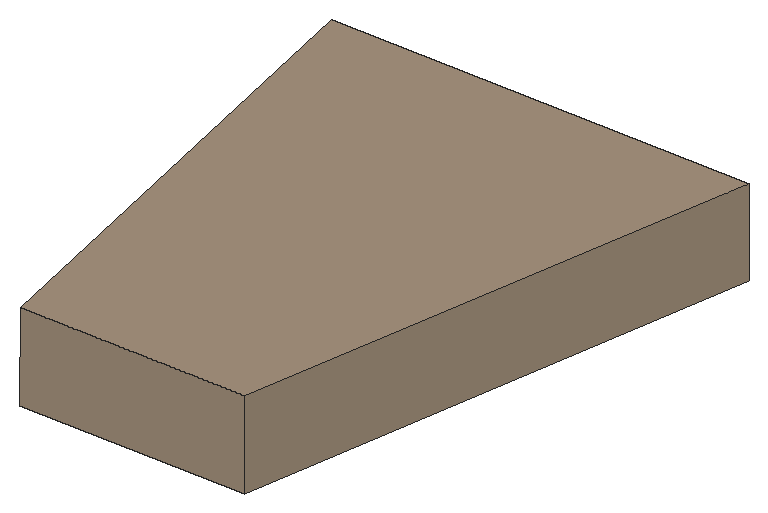
Revit family "Keystone_NativeCustomStone", category Generic Models, Revit 2013
Parameters
  Warranty Duration (Years) = 50
  URL = "http://www.nativecustomstone.com/"
  Test Data = "http://www.nativecustomstone.com/specs/testing-and-ics-esr-report"
  Specification = "http://www.nativecustomstone.com/specs/3-part-spec"
  Send Message = "http://www.arcat.com/users.pl?action=UserEmail&company=Native+Custom+Stone&coid=48056&rep=152&fax=706-216-5550&mf="
  Sales Information = "http://www.nativecustomstone.com/contact"
  Revision = "R1_10-2012"
  Product Properties = "http://www.nativecustomstone.com/specs/spec-data-sheet"
  Product Data = "http://www.arcat.com/arcatcos/cos48/arc48056.html"
  Model = "As Specified in 04 73 00"
  Material = Native-Custom-Stone_Accessory-Material_Brown-Color
  Manufacturer Website = "www.nativecstone.com"
  Manufacturer Phone - Toll Free = "888-823-0745"
  Manufacturer Phone = "706-216-5545"
  Manufacturer Fax = "706-216-5550"
  Manufacturer Email = "http://www.arcat.com/users.pl?action=UserEmail&company=Native+Custom+Stone&coid=48056&rep=152&fax=706-216-5550&mf="
  Manufacturer Address = "236 Hightower Pkwy. Dawsonville, GA 30534"
  Manufacturer = "Native Custom Stone"
  Maintenance Schedule (Months) = 12
  Keynote = "04 73 00"
  Installation-Fabrication = "http://www.nativecustomstone.com/specs/stone-installation-and-accessory-details"
  Installation Phase = "Masonry Finishes"
  Green Building-LEED = "http://www.nativecustomstone.com/specs/native-custom-stone-for-leeds-projects"
  Drawn By = "Sumex Design, Inc."
  Description = "Keystone as Specified in 04 73 00"
  Default Elevation = 0' - 0"
  Copyright = "©Arcat Inc."
  Construction Details = "http://www.nativecustomstone.com/specs/stone-installation-and-accessory-details"
  Company_ID = 48056
  Assembly Code = "B2010100"
Reference planes (in)
  plane 1 "Center (Front/Back)": y = 0
  plane 2: z = 0
  plane 3 "Center (Left/Right)": x = 0
  plane 4: x = -4.75
  plane 5: x = 4.75
  plane 6: y = 5.8125
  plane 7: y = -5.8125
  plane 8: z = 2
Forms (in)
  Extrusion 1, solid, material "Native-Custom-Stone_Accessory-Material_Brown-Color" <- "Material"
    sketch origin (0, 0, 0) x (1, 0, 0) y (0, 1, 0)
      loop
        line (4.75, 5.8125) -> (-4.75, 5.8125) -> (-2.5625, -5.8125) -> (2.5625, -5.8125) -> (4.75, 5.8125)
    from 0 to 2
Dimensions and locks (in)
  equal spacing: plane 4, plane 3 "Center (Left/Right)", plane 5
  equal spacing: plane 7, plane 1 "Center (Front/Back)", plane 6
  locked: plane 7 to plane 6 at 11.625
  locked: plane 4 to plane 5 at 9.5
  locked: plane 8 to level at 2
  aligned and locked: Extrusion 1 sketch curve to plane 6
  aligned and locked: Extrusion 1 sketch curve to plane 7
  aligned and locked: plane 8 to Extrusion 1
Automatic sketch dimensions
  Extrusion 1 sketch curve to plane 4 = 0' - 0"
  Extrusion 1 sketch curve to plane 5 = 0' - 0"
  plane 4 to Extrusion 1 sketch curve = 0' - 2 3/16"
  Extrusion 1 sketch curve to plane 5 = 0' - 2 3/16"
